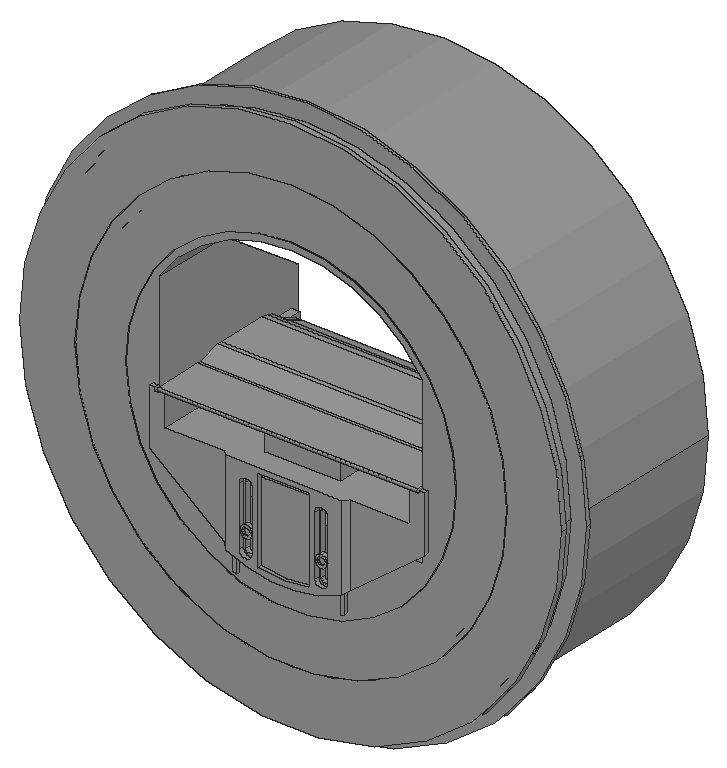
Revit family "CR 10 Inch Diameter", category Mechanical Equipment, Revit 2015
Parameters
  URL = "http://unitedenertech.com/catalog/pdf/L_2B,C%20Model%20CR.pdf"
  Type Comments = "10\" Diameter Model"
  Model = "CR"
  Manufacturer = "United Enertech Corporation"
  Description = "Precision/Flow Damper"
  Depth = 0' - 3.4"
  Damper O.D. = 0' - 9.6515"
Reference planes (in)
  plane 1 "Center (Front/Back)": y = 0
  plane 2: z = 0
  plane 3 "Center (Left/Right)": x = 0
  plane 4: x = -4.82575
  plane 5: x = 4.82575
Forms (in)
  Extrusion 1, solid, material "Plastic, Opaque Black"
    sketch origin (0, 0, 0) x (1, 0, 0) y (0, 0, 1)
      loop
        circle (0, 0) r 3.84375
    from -0.085 to 0
  Extrusion 2, void
    sketch origin (0, 0, 0) x (1, 0, 0) y (0, 0, 1)
      loop
        circle (0, 0) r 2.94375
    from 0 to -5
  Extrusion 3, solid, material "Plastic, Opaque Black"
    sketch origin (0, 0, 0) x (1, 0, 0) y (0, 0, 1)
      loop
        circle (0, 0) r 2.94375
    from 0 to -1.45
  Extrusion 4, void
    sketch origin (0, 0, 0) x (1, 0, 0) y (0, 0, 1)
      loop
        line (2.34375, 0) -> (2.34375, 1.56595)
        arc (2.34375, 1.56595) -> (1.32879, 2.4859) -> (0, 2.81875) r 2.81875
        arc (0, 2.81875) -> (-1.32879, 2.4859) -> (-2.34375, 1.56595) r 2.81875
        line (-2.34375, 1.56595) -> (-2.34375, -1.38375) -> (0, -1.38375) -> (2.34375, -1.38375) -> (2.34375, 0)
    from 0 to -3.83307
  Extrusion 5, solid, material "Plastic, Opaque Black"
    sketch origin (0, 0, 0) x (0, 1, 0) y (0, 0, 1)
      loop
        line (1.45, 1.56595) -> (1.45, -1.63375) -> (2.675, -1.63375) -> (3.075, -1.23375) -> (3.075, 0.41595) -> (1.45, 1.56595)
    from 2.34375 to 2.42375
  Extrusion 6, solid, material "Plastic, Opaque Black"
    sketch origin (0, 0, 0) x (0, 1, 0) y (0, 0, -1)
      loop
        line (1.45, -1.56595) -> (3.075, -0.41595) -> (3.075, 1.23375) -> (2.675, 1.63375) -> (1.45, 1.63375) -> (1.45, -1.56595)
    from 2.34375 to 2.42375
  Extrusion 7, solid, material "Plastic, Opaque Black"
    sketch origin (0, 0, 0) x (0, 1, 0) y (0, 0, 1)
      loop
        line (1.45, -1.63375) -> (2.675, -1.63375) -> (2.675, -1.38375) -> (1.45, -1.38375) -> (1.45, -1.63375)
    from 2.34375 to -2.34375
  Extrusion 8, void
    sketch origin (0, 0, 0) x (1, 0, 0) y (0, 0, 1)
      loop
        line (-2.42375, 1.56595) -> (-2.42375, 1.67066)
        arc (-2.42375, 1.67066) -> (-2.84696, -0.74864) -> (-1.28843, -2.64681) r 2.94375
        arc (-1.28843, -2.64681) -> (2.23212, -1.91919) -> (2.42375, 1.67066) r 2.94375
        line (2.42375, 1.67066) -> (2.42375, -1.63375) -> (-2.42375, -1.63375) -> (-2.42375, 1.56595)
    from -0.31146 to -3.5842
  Extrusion 9, void
    sketch origin (0, 0, 0) x (1, 0, 0) y (0, 0, 1)
      loop
        arc (-2.42375, 1.52225) -> (-2.86213, 0) -> (-2.42375, -1.52225) r 2.86213
        line (-2.42375, -1.52225) -> (-2.42375, 1.52225)
      loop
        line (2.42375, 1.52225) -> (2.42375, -1.52225)
        arc (2.42375, -1.52225) -> (2.86213, 0) -> (2.42375, 1.52225) r 2.86213
      loop
        arc (-2.35004, -1.63375) -> (0, -2.86213) -> (2.35004, -1.63375) r 2.86213
        line (2.35004, -1.63375) -> (-2.35004, -1.63375)
    from -0.085 to -1.45
  Extrusion 10, solid, material "Plastic, Opaque Black"
    sketch origin (0, 0, 0) x (1, 0, 0) y (0, 0, 1)
      loop
        line (-2.44375, -1.17375) -> (-1.02975, -2.27121)
        arc (-1.02975, -2.27121) -> (-0.52676, -2.43748) -> (0, -2.49375) r 2.49375
        arc (0, -2.49375) -> (0.52676, -2.43748) -> (1.02975, -2.27121) r 2.49375
        line (1.02975, -2.27121) -> (2.44375, -1.17375) -> (2.44375, -0.17375) -> (2.35375, -0.17375) -> (2.35375, -0.22375) -> (2.18375, -0.22375) -> (2.18375, -0.75775) -> (-2.18375, -0.75775) -> (-2.18375, -0.22375) -> (-2.35375, -0.22375) -> (-2.35375, -0.17375) -> (-2.44375, -0.17375) -> (-2.44375, -1.17375)
    from 0 to 0.08
  Extrusion 11, solid, material "Plastic, Opaque Black"
    sketch origin (0, 0, 0) x (1, 0, 0) y (0, 0, 1)
      loop
        line (-1.00274, -1.63375) -> (-1.00274, -2.63586)
        arc (-1.00274, -2.63586) -> (-0.96285, -2.65069) -> (-0.92274, -2.66492) r 2.82015
        line (-0.92274, -2.66492) -> (-0.92274, -1.63375) -> (-1.00274, -1.63375)
    from 0 to 0.05168
  Extrusion 12, solid, material "Plastic, Opaque Black"
    sketch origin (0, 0, 0) x (-1, 0, 0) y (0, 0, -1)
      loop
        line (-1.00274, 1.63375) -> (-0.92274, 1.63375) -> (-0.92274, 2.66492)
        arc (-0.92274, 2.66492) -> (-0.96285, 2.65069) -> (-1.00274, 2.63586) r 2.82015
        line (-1.00274, 2.63586) -> (-1.00274, 1.63375)
    from 0 to 0.05168
  Blend 13, solid, material "Plastic, Opaque Black"
    base sketch origin (0, 0, 0) x (1, 0, 0) y (0, 0, 1)
      loop
        arc (-1.02975, -2.27121) -> (0, -2.49375) -> (1.02975, -2.27121) r 2.49375
        line (1.02975, -2.27121) -> (1.02975, -0.75775) -> (-1.02975, -0.75775) -> (-1.02975, -2.27121)
    top sketch origin (0, 0, 0) x (1, 0, 0) y (0, 0, 1)
      loop
        line (-1.02975, -0.75775) -> (-1.11975, -0.75775) -> (-1.11975, -2.20136) -> (-1.02975, -2.27121)
        arc (-1.02975, -2.27121) -> (0, -2.49375) -> (1.02975, -2.27121) r 2.49375
        line (1.02975, -2.27121) -> (1.11975, -2.20136) -> (1.11975, -0.75775) -> (1.02975, -0.75775) -> (-1.02975, -0.75775)
    from 0.16 to 0.08
  Extrusion 14, void
    sketch origin (0, 0, 0) x (1, 0, 0) y (0, 0, 1)
      loop
        line (0, -0.83775) -> (-0.47, -0.83775) -> (-0.47, -2.35225)
        arc (-0.47, -2.35225) -> (-0.23615, -2.3871) -> (0, -2.39875) r 2.39875
        arc (0, -2.39875) -> (0.23615, -2.3871) -> (0.47, -2.35225) r 2.39875
        line (0.47, -2.35225) -> (0.47, -0.83775) -> (0, -0.83775)
    from 0.08 to 0.16
  Extrusion 15, void
    sketch origin (0, 0, 0) x (1, 0, 0) y (0, 0, 1)
      loop
        line (-0.47, -0.83775) -> (-0.47, -0.93775) -> (0.47, -0.93775) -> (0.47, -0.83775) -> (-0.47, -0.83775)
    from 0 to 0.16
  Extrusion 16, void
    sketch origin (0, 0, 0) x (1, 0, 0) y (0, 0, 1)
      loop
        line (-0.738, -1.11125) -> (-0.738, -2.17208)
        arc (-0.738, -2.17208) -> (-0.6705, -2.23958) -> (-0.603, -2.17208) r 0.0675
        line (-0.603, -2.17208) -> (-0.603, -1.11125)
        arc (-0.603, -1.11125) -> (-0.6705, -1.04375) -> (-0.738, -1.11125) r 0.0675
      loop
        arc (0.738, -1.11125) -> (0.6705, -1.04375) -> (0.603, -1.11125) r 0.0675
        line (0.603, -1.11125) -> (0.603, -2.17208)
        arc (0.603, -2.17208) -> (0.6705, -2.23958) -> (0.738, -2.17208) r 0.0675
        line (0.738, -2.17208) -> (0.738, -1.11125)
    from 0 to 0.26809
  Extrusion 17, void
    sketch origin (0, 0, 0) x (1, 0, 0) y (0, 0, 1)
      loop
        line (-0.78878, -1.11125) -> (-0.78878, -2.17208)
        arc (-0.78878, -2.17208) -> (-0.6705, -2.29036) -> (-0.55222, -2.17208) r 0.11828
        line (-0.55222, -2.17208) -> (-0.55222, -1.11125)
        arc (-0.55222, -1.11125) -> (-0.6705, -0.99297) -> (-0.78878, -1.11125) r 0.11828
      loop
        arc (0.78878, -1.11125) -> (0.6705, -0.99297) -> (0.55222, -1.11125) r 0.11828
        line (0.55222, -1.11125) -> (0.55222, -2.17208)
        arc (0.55222, -2.17208) -> (0.6705, -2.29036) -> (0.78878, -2.17208) r 0.11828
        line (0.78878, -2.17208) -> (0.78878, -1.11125)
    from 0.08 to 0.26809
  Extrusion 18, solid, material "Aluminum"
    sketch origin (0, 0, 0.38301) x (1, 0, 0) y (0, 0, 1)
      loop
        circle (-0.6705, -2.23958) r 0.10606
    from 0.08 to 0.16
  Extrusion 19, solid, material "Aluminum"
    sketch origin (0, 0, -0.10606) x (1, 0, 0) y (0, 0, 1)
      loop
        circle (-0.6705, -1.75052) r 0.05796
    from 0 to 0.08
  Extrusion 20, void
    sketch origin (0, 0, 0) x (1, 0, 0) y (0, 0, 1)
      loop
        line (-0.62476, -1.79125) -> (-0.7042, -1.7843) -> (-0.74995, -1.84962) -> (-0.71624, -1.9219) -> (-0.6368, -1.92885) -> (-0.59105, -1.86352) -> (-0.62476, -1.79125)
    from 0.12205 to 0.26809
  Extrusion 21, solid, material "Aluminum"
    sketch origin (0, 0, 0.38301) x (-1, 0, 0) y (0, 0, -1)
      loop
        circle (-0.6705, 2.23958) r 0.10606
    from 0.08 to 0.16
  Extrusion 22, solid, material "Aluminum"
    sketch origin (0, 0, -0.10606) x (-1, 0, 0) y (0, 0, -1)
      loop
        circle (-0.6705, 1.75052) r 0.05796
    from 0 to 0.08
  Extrusion 23, void
    sketch origin (0, 0, 0) x (-1, 0, 0) y (0, 0, -1)
      loop
        line (-0.62476, 1.79125) -> (-0.59105, 1.86352) -> (-0.6368, 1.92885) -> (-0.71624, 1.9219) -> (-0.74995, 1.84962) -> (-0.7042, 1.7843) -> (-0.62476, 1.79125)
    from 0.12205 to 0.26809
  Extrusion 24, solid, material "Plastic, Opaque Black"
    sketch origin (0, 0, 0) x (1, 0, 0) y (0, 1, 0)
      loop
        line (-0.6725, 0.915) -> (-0.6725, 0.265) -> (0.6725, 0.265) -> (0.6725, 0.915) -> (-0.6725, 0.915)
    from -0.75775 to -0.31775
  Extrusion 25, solid, material "Plastic, Opaque Black"
    sketch origin (0, 0, 0) x (1, 0, 0) y (0, 0, 1)
      loop
        line (-2.34375, -0.22375) -> (-2.34375, -1.00775) -> (2.34375, -1.00775) -> (2.34375, -0.75775) -> (2.34375, -0.22375) -> (2.18375, -0.22375) -> (2.18375, -0.75775) -> (-2.18375, -0.75775) -> (-2.18375, -0.22375) -> (-2.34375, -0.22375)
    from -2.91717 to 0
  Extrusion 26, solid, material "Plastic, Opaque Black"
    sketch origin (0, 0, 0) x (0, 1, 0) y (0, 0, 1)
      loop
        arc (-0.05557, -0.17375) -> (-0.07998, -0.19906) -> (-0.05382, -0.22255) r 0.02443
        line (-0.05382, -0.22255) -> (0.82534, -0.22453)
        arc (0.82534, -0.22453) -> (0.8563, -0.22254) -> (0.88675, -0.2166) r 0.24181
        line (0.88675, -0.2166) -> (1.28312, -0.11252)
        arc (1.28312, -0.11252) -> (1.31381, -0.10654) -> (1.34502, -0.10453) r 0.24371
        line (1.34502, -0.10453) -> (2.23036, -0.10453)
        arc (2.23036, -0.10453) -> (2.2978, -0.11001) -> (2.36347, -0.1263) r 0.41795
        line (2.36347, -0.1263) -> (2.44483, -0.15363) -> (2.461, -0.10549) -> (2.37965, -0.07816)
        arc (2.37965, -0.07816) -> (2.306, -0.05989) -> (2.23036, -0.05375) r 0.46873
        line (2.23036, -0.05375) -> (1.34502, -0.05375)
        arc (1.34502, -0.05375) -> (1.30731, -0.05617) -> (1.27023, -0.06341) r 0.29449
        line (1.27023, -0.06341) -> (0.87385, -0.16749)
        arc (0.87385, -0.16749) -> (0.8498, -0.17218) -> (0.82534, -0.17375) r 0.19103
        line (0.82534, -0.17375) -> (-0.05557, -0.17375)
    from -2.31257 to 2.31257
  Extrusion 27, solid, material "Plastic, Opaque Black"
    sketch origin (0, 0, 0) x (0, 1, 0) y (0, 0, 1)
      loop
        line (2.461, -0.10549) -> (2.44483, -0.15363) -> (2.36347, -0.1263)
        arc (2.36347, -0.1263) -> (2.2978, -0.11001) -> (2.23036, -0.10453) r 0.41795
        line (2.23036, -0.10453) -> (1.34502, -0.10453)
        arc (1.34502, -0.10453) -> (1.31381, -0.10654) -> (1.28312, -0.11252) r 0.24371
        line (1.28312, -0.11252) -> (0.88675, -0.2166)
        arc (0.88675, -0.2166) -> (0.86576, -0.22113) -> (0.84446, -0.22377) r 0.24181
        line (0.84446, -0.22377) -> (-0.05382, -0.22255) -> (0.14264, -0.35993) -> (2.3582, -0.35993) -> (2.7537, -0.22375) -> (2.461, -0.10549)
    from 2.02394 to 2.12394
  Extrusion 28, solid, material "Plastic, Opaque Black"
    sketch origin (0, 0, 0) x (0, 1, 0) y (0, 0, -1)
      loop
        line (2.461, 0.10549) -> (2.7537, 0.22375) -> (2.3582, 0.35993) -> (0.14264, 0.35993) -> (-0.05382, 0.22255) -> (0.84446, 0.22377)
        arc (0.84446, 0.22377) -> (0.86576, 0.22113) -> (0.88675, 0.2166) r 0.24181
        line (0.88675, 0.2166) -> (1.28312, 0.11252)
        arc (1.28312, 0.11252) -> (1.31381, 0.10654) -> (1.34502, 0.10453) r 0.24371
        line (1.34502, 0.10453) -> (2.23036, 0.10453)
        arc (2.23036, 0.10453) -> (2.2978, 0.11001) -> (2.36347, 0.1263) r 0.41795
        line (2.36347, 0.1263) -> (2.44483, 0.15363) -> (2.461, 0.10549)
    from 2.02394 to 2.12394
  Extrusion 29, solid, material "Plastic, Opaque Black"
    sketch origin (0, 0, 0) x (0, 1, 0) y (0, 0, 1)
      loop
        line (2.461, -0.10549) -> (2.44483, -0.15363) -> (2.61838, -0.22375) -> (2.7537, -0.22375) -> (2.461, -0.10549)
    from -2.02394 to 2.02394
  Extrusion 30, solid, material "Plastic, Opaque Black"
    sketch origin (0, 0, 0) x (0, 1, 0) y (0, 0, 1)
      loop
        line (-0.05382, -0.22255) -> (0.08135, -0.31707) -> (0.09937, -0.2913) -> (0.00277, -0.22375) -> (-0.05382, -0.22255)
    from -2.02394 to 2.02394
  Extrusion 31, solid, material "Plastic, Opaque Black"
    sketch origin (0, 0, 0) x (1, 0, 0) y (0, 0, 1)
      loop
        circle (0, 0) r 3.75875
      loop
        circle (0, 0) r 3.67729
    from -0.31146 to -0.085
  Extrusion 32, solid, material "Plastic, Opaque Black"
    sketch origin (0, 0, 0) x (1, 0, 0) y (0, 0, 1)
      loop
        circle (0, 0) r 3.84375
      loop
        circle (0, 0) r 4.82575
    from 0 to -0.085
  Extrusion 33, solid, material "Rubber, Black"
    sketch origin (0, 0, 0) x (1, 0, 0) y (0, 0, 1)
      loop
        circle (0, 0) r 4.70075
      loop
        circle (0, 0) r 4.65075
    from -0.085 to -0.612
  Extrusion 34, solid, material "Steel, Galvanized"
    sketch origin (0, 0, 0) x (1, 0, 0) y (0, 0, 1)
      loop
        circle (0, 0) r 4.70075
      loop
        circle (0, 0) r 4.65075
    from -0.612 to -3.4
  Extrusion 35, solid, material "Steel, Galvanized"
    sketch origin (0, 0, 0) x (1, 0, 0) y (0, 0, 1)
      loop
        circle (0, 0) r 4.65075
      loop
        circle (0, 0) r 4.60589
    from -0.085 to -0.64905
  Extrusion 36, solid, material "Plastic, Opaque Black"
    sketch origin (0, 0, 0) x (1, 0, 0) y (0, 0, 1)
      loop
        circle (0, 0) r 4.60589
      loop
        circle (0, 0) r 4.54679
    from -0.612 to -0.085
  Extrusion 37, solid, material "Rubber, Black"
    sketch origin (0, 0, 0) x (1, 0, 0) y (0, 0, 1)
      loop
        circle (0, 0) r 4.70075
      loop
        circle (0, 0) r 5
    from -0.3985 to -0.3485
Cuts and joins
  Extrusion 2, Extrusion 8 cuts Extrusion 1
  Extrusion 4, Extrusion 8, Extrusion 9, Extrusion 14, Extrusion 16, Extrusion 17, Extrusion 20 cuts Extrusion 3
  Extrusion 8, Extrusion 9, Extrusion 14, Extrusion 16, Extrusion 17, Extrusion 20 cuts Extrusion 5
  Extrusion 8, Extrusion 9, Extrusion 14, Extrusion 16, Extrusion 17, Extrusion 20 cuts Extrusion 6
  Extrusion 8, Extrusion 9, Extrusion 14, Extrusion 16, Extrusion 17, Extrusion 20 cuts Extrusion 7
  joined: Extrusion 3, Extrusion 5, Extrusion 6, Extrusion 7
  Extrusion 14, Extrusion 15, Extrusion 16, Extrusion 17, Extrusion 20 cuts Extrusion 10
  Extrusion 14, Extrusion 15, Extrusion 16, Extrusion 17, Extrusion 20 cuts Blend 13
  joined: Extrusion 10, Blend 13, Extrusion 25
  Extrusion 20, Extrusion 23 cuts Extrusion 18
  Extrusion 20 cuts Extrusion 19
  Extrusion 23 cuts Extrusion 21
  joined: Extrusion 26, Extrusion 29
Dimensions and locks (in)
  "Damper O.D.": plane 4 to plane 5
  "Depth": Extrusion 34 to plane 1 "Center (Front/Back)"
  aligned and locked: level to plane 2
Automatic sketch dimensions
  Extrusion 1 sketch curve to level = 0' - 0"
  Extrusion 1 sketch curve to plane 3 "Center (Left/Right)" = 0' - 0"
  Extrusion 2 sketch curve to level = 0' - 0"
  Extrusion 2 sketch curve to plane 3 "Center (Left/Right)" = 0' - 0"
  Extrusion 3 sketch curve to level = 0' - 0"
  Extrusion 3 sketch curve to plane 3 "Center (Left/Right)" = 0' - 0"
  Extrusion 4 sketch curve to Extrusion 4 sketch curve = 0' - 0"  (x2)
  Extrusion 4 sketch curve to plane 3 "Center (Left/Right)" = 0' - 0"  (x2)
  Extrusion 4 sketch curve to level = 0' - 0"  (x2)
  Extrusion 4 sketch curve to Extrusion 4 sketch curve = 0' - 2 11/32"
  Extrusion 4 sketch curve to level = 0' - 1.38375"
  plane 3 "Center (Left/Right)" to Extrusion 4 sketch curve = 0' - 2 11/32"
  level to Extrusion 4 sketch curve = 0' - 1.56595"
  Extrusion 5 sketch curve to plane 1 "Center (Front/Back)" = 0' - 1.45"
  Extrusion 5 sketch curve to Extrusion 5 sketch curve = 0' - 1.225"
  level to Extrusion 5 sketch curve = 0' - 0.41595"
  Extrusion 5 sketch curve to Extrusion 5 sketch curve = 0' - 1 5/8"
  Extrusion 5 sketch curve to level = 0' - 1.23375"
  Extrusion 5 sketch curve to level = 0' - 1.63375"
  level to Extrusion 5 sketch curve = 0' - 1.56595"
  Extrusion 6 sketch curve to plane 1 "Center (Front/Back)" = 0' - 1.45"
  Extrusion 6 sketch curve to Extrusion 6 sketch curve = 0' - 1.225"
  level to Extrusion 6 sketch curve = 0' - 0.41595"
  Extrusion 6 sketch curve to Extrusion 6 sketch curve = 0' - 1 5/8"
  level to Extrusion 6 sketch curve = 0' - 1.56595"
  Extrusion 6 sketch curve to level = 0' - 1.23375"
  Extrusion 6 sketch curve to Extrusion 6 sketch curve = 0' - 0.4"
  Extrusion 7 sketch curve to plane 1 "Center (Front/Back)" = 0' - 1.45"
  Extrusion 7 sketch curve to Extrusion 7 sketch curve = 0' - 1.225"
  Extrusion 7 sketch curve to level = 0' - 1.63375"
  Extrusion 7 sketch curve to Extrusion 7 sketch curve = 0' - 0 1/4"
  Extrusion 8 sketch curve to Extrusion 8 sketch curve = 0' - 0"  (x2)
  Extrusion 8 sketch curve to level = 0' - 0"
  Extrusion 8 sketch curve to plane 3 "Center (Left/Right)" = 0' - 0"
  Extrusion 8 sketch curve to plane 4 = 0' - 2.402"
  plane 5 to Extrusion 8 sketch curve = 0' - 2.402"
  Extrusion 8 sketch curve to level = 0' - 1.63375"
  level to Extrusion 8 sketch curve = 0' - 1.56595"
  Extrusion 8 sketch curve to Extrusion 8 sketch curve = 0' - 0.10471"
  Extrusion 8 sketch curve to plane 3 "Center (Left/Right)" = 0' - 1.28843"
  Extrusion 9 sketch curve to Extrusion 9 sketch curve = 0' - 0"  (x6)
  Extrusion 9 sketch curve to level = 0' - 0"
  Extrusion 9 sketch curve to plane 3 "Center (Left/Right)" = 0' - 0"
  Extrusion 9 sketch curve to plane 3 "Center (Left/Right)" = 0' - 2.35004"
  Extrusion 9 sketch curve to Extrusion 9 sketch curve = 0' - 0.07371"  (x2)
  Extrusion 9 sketch curve to level = 0' - 1.52225"  (x2)
  Extrusion 9 sketch curve to Extrusion 9 sketch curve = 0' - 0.1115"
  Extrusion 10 sketch curve to Extrusion 10 sketch curve = 0' - 0"  (x2)
  Extrusion 10 sketch curve to level = 0' - 0"
  Extrusion 10 sketch curve to plane 3 "Center (Left/Right)" = 0' - 0"
  Extrusion 10 sketch curve to plane 3 "Center (Left/Right)" = 0' - 1.02975"
  Extrusion 10 sketch curve to level = 0' - 0.22375"  (x2)
  Extrusion 10 sketch curve to plane 3 "Center (Left/Right)" = 0' - 2.18375"
  Extrusion 10 sketch curve to Extrusion 10 sketch curve = 0' - 0.17"  (x2)
  Extrusion 10 sketch curve to level = 0' - 1.17375"
  Extrusion 10 sketch curve to Extrusion 10 sketch curve = 0' - 0.26"
  plane 3 "Center (Left/Right)" to Extrusion 10 sketch curve = 0' - 1.02975"
  Extrusion 10 sketch curve to level = 0' - 0.75775"
  Extrusion 10 sketch curve to Extrusion 10 sketch curve = 0' - 1.154"
  Extrusion 10 sketch curve to Extrusion 10 sketch curve = 0' - 0.09"
  Extrusion 10 sketch curve to Extrusion 10 sketch curve = 0' - 1.51346"
  Extrusion 10 sketch curve to Extrusion 10 sketch curve = 0' - 0.416"
  Extrusion 10 sketch curve to Extrusion 10 sketch curve = 0' - 0.05"  (x2)
  Extrusion 11 sketch curve to level = 0' - 0"
  Extrusion 11 sketch curve to plane 3 "Center (Left/Right)" = 0' - 0"
  Extrusion 11 sketch curve to plane 3 "Center (Left/Right)" = 0' - 0.92274"
  Extrusion 11 sketch curve to Extrusion 11 sketch curve = 0' - 0.08"
  Extrusion 11 sketch curve to level = 0' - 1.63375"
  Extrusion 11 sketch curve to Extrusion 11 sketch curve = 0' - 1.00211"
  Extrusion 12 sketch curve to level = 0' - 0"
  Extrusion 12 sketch curve to plane 3 "Center (Left/Right)" = 0' - 0"
  Extrusion 12 sketch curve to plane 3 "Center (Left/Right)" = 0' - 0.92274"
  Extrusion 12 sketch curve to Extrusion 12 sketch curve = 0' - 0.08"
  level to Extrusion 12 sketch curve = 0' - 1.63375"
  Extrusion 12 sketch curve to Extrusion 12 sketch curve = 0' - 1.00211"
  Blend 13 sketch curve to level = 0' - 0"  (x2)
  Blend 13 sketch curve to plane 3 "Center (Left/Right)" = 0' - 0"  (x2)
  Blend 13 sketch curve to plane 3 "Center (Left/Right)" = 0' - 1.02975"  (x3)
  plane 3 "Center (Left/Right)" to Blend 13 sketch curve = 0' - 1.02975"  (x3)
  Blend 13 sketch curve to level = 0' - 0.75775"  (x2)
  Blend 13 sketch curve to Blend 13 sketch curve = 0' - 1.51346"
  Blend 13 sketch curve to Blend 13 sketch curve = 0' - 0.09"  (x2)
  Blend 13 sketch curve to Blend 13 sketch curve = 0' - 1.44361"  (x2)
  Blend 13 sketch curve to Blend 13 sketch curve = 0' - 0.06985"
  Extrusion 14 sketch curve to Extrusion 14 sketch curve = 0' - 0"  (x2)
  Extrusion 14 sketch curve to plane 3 "Center (Left/Right)" = 0' - 0"  (x2)
  Extrusion 14 sketch curve to level = 0' - 0"
  Extrusion 14 sketch curve to plane 3 "Center (Left/Right)" = 0' - 0.47"
  Extrusion 14 sketch curve to Extrusion 14 sketch curve = 0' - 0.47"
  Extrusion 14 sketch curve to level = 0' - 0.83775"
  Extrusion 14 sketch curve to Extrusion 14 sketch curve = 0' - 1.5145"
  Extrusion 15 sketch curve to plane 3 "Center (Left/Right)" = 0' - 0.47"
  plane 3 "Center (Left/Right)" to Extrusion 15 sketch curve = 0' - 0.47"
  Extrusion 15 sketch curve to level = 0' - 0.93775"
  Extrusion 15 sketch curve to Extrusion 15 sketch curve = 0' - 0.1"
  Extrusion 16 sketch curve to plane 3 "Center (Left/Right)" = 0' - 0.738"
  Extrusion 16 sketch curve to Extrusion 16 sketch curve = 0' - 0.0675"  (x2)
  plane 3 "Center (Left/Right)" to Extrusion 16 sketch curve = 0' - 0.603"
  Extrusion 16 sketch curve to level = 0' - 2.17208"
  Extrusion 16 sketch curve to Extrusion 16 sketch curve = 0' - 0"
  Extrusion 16 sketch curve to Extrusion 16 sketch curve = 0' - 1.06083"  (x2)
  Extrusion 17 sketch curve to plane 3 "Center (Left/Right)" = 0' - 0.78878"
  Extrusion 17 sketch curve to Extrusion 17 sketch curve = 0' - 0.11828"  (x2)
  plane 3 "Center (Left/Right)" to Extrusion 17 sketch curve = 0' - 0.55222"
  Extrusion 17 sketch curve to level = 0' - 2.17208"
  Extrusion 17 sketch curve to Extrusion 17 sketch curve = 0' - 0"
  Extrusion 17 sketch curve to Extrusion 17 sketch curve = 0' - 1.06083"  (x2)
  Extrusion 18 sketch curve to plane 3 "Center (Left/Right)" = 0' - 0.6705"
  Extrusion 18 sketch curve to level = 0' - 1.85657"
  Extrusion 19 sketch curve to plane 3 "Center (Left/Right)" = 0' - 0.6705"
  Extrusion 19 sketch curve to level = 0' - 1.85657"
  Extrusion 20 sketch curve to plane 3 "Center (Left/Right)" = 0' - 0.74995"
  Extrusion 20 sketch curve to Extrusion 20 sketch curve = 0' - 0.0337"
  Extrusion 20 sketch curve to Extrusion 20 sketch curve = 0' - 0.04574"  (x2)
  Extrusion 20 sketch curve to Extrusion 20 sketch curve = 0' - 0.07945"  (x2)
  Extrusion 20 sketch curve to level = 0' - 1.92885"
  Extrusion 20 sketch curve to Extrusion 20 sketch curve = 0' - 0.00695"
  Extrusion 20 sketch curve to Extrusion 20 sketch curve = 0' - 0.06533"  (x2)
  Extrusion 20 sketch curve to Extrusion 20 sketch curve = 0' - 0.07228"  (x2)
  Extrusion 21 sketch curve to plane 3 "Center (Left/Right)" = 0' - 0.6705"
  level to Extrusion 21 sketch curve = 0' - 1.85657"
  Extrusion 22 sketch curve to plane 3 "Center (Left/Right)" = 0' - 0.6705"
  level to Extrusion 22 sketch curve = 0' - 1.85657"
  Extrusion 23 sketch curve to plane 3 "Center (Left/Right)" = 0' - 0.74995"
  Extrusion 23 sketch curve to Extrusion 23 sketch curve = 0' - 0.0337"
  Extrusion 23 sketch curve to Extrusion 23 sketch curve = 0' - 0.04574"  (x2)
  Extrusion 23 sketch curve to Extrusion 23 sketch curve = 0' - 0.07945"  (x2)
  level to Extrusion 23 sketch curve = 0' - 1.92885"
  Extrusion 23 sketch curve to Extrusion 23 sketch curve = 0' - 0.00695"
  Extrusion 23 sketch curve to Extrusion 23 sketch curve = 0' - 0.06533"  (x2)
  Extrusion 23 sketch curve to Extrusion 23 sketch curve = 0' - 0.07228"  (x2)
  Extrusion 24 sketch curve to plane 1 "Center (Front/Back)" = 0' - 0.265"
  Extrusion 24 sketch curve to plane 3 "Center (Left/Right)" = 0' - 0.6725"
  plane 3 "Center (Left/Right)" to Extrusion 24 sketch curve = 0' - 0.6725"
  Extrusion 24 sketch curve to Extrusion 24 sketch curve = 0' - 0.65"
  Extrusion 25 sketch curve to level = 0' - 0.22375"  (x2)
  Extrusion 25 sketch curve to plane 3 "Center (Left/Right)" = 0' - 2 11/32"
  Extrusion 25 sketch curve to Extrusion 25 sketch curve = 0' - 0.16"  (x2)
  plane 3 "Center (Left/Right)" to Extrusion 25 sketch curve = 0' - 2.18375"
  Extrusion 25 sketch curve to Extrusion 25 sketch curve = 0' - 0.534"  (x2)
  Extrusion 25 sketch curve to Extrusion 25 sketch curve = 0' - 0 1/4"
  Extrusion 26 sketch curve to Extrusion 26 sketch curve = 0' - 0"  (x6)
  plane 1 "Center (Front/Back)" to Extrusion 26 sketch curve = 0' - 0.05557"
  Extrusion 26 sketch curve to Extrusion 26 sketch curve = 0' - 0.00175"
  Extrusion 26 sketch curve to level = 0' - 0.22453"
  Extrusion 26 sketch curve to plane 1 "Center (Front/Back)" = 0' - 0.82534"
  Extrusion 26 sketch curve to level = 0' - 0.16749"
  Extrusion 26 sketch curve to Extrusion 26 sketch curve = 0' - 0.04852"
  Extrusion 26 sketch curve to level = 0' - 0.2166"
  Extrusion 26 sketch curve to Extrusion 26 sketch curve = 0' - 0.0129"  (x2)
  Extrusion 26 sketch curve to level = 0' - 0.06341"
  Extrusion 26 sketch curve to Extrusion 26 sketch curve = 0' - 0.39637"
  Extrusion 26 sketch curve to level = 0' - 0.11252"
  Extrusion 26 sketch curve to Extrusion 26 sketch curve = 0' - 0.0619"
  Extrusion 26 sketch curve to Extrusion 26 sketch curve = 0' - 0.88534"
  Extrusion 26 sketch curve to level = 0' - 0.1263"
  Extrusion 26 sketch curve to Extrusion 26 sketch curve = 0' - 0.13311"
  Extrusion 26 sketch curve to level = 0' - 0.07816"
  Extrusion 26 sketch curve to level = 0' - 0.15363"
  Extrusion 26 sketch curve to Extrusion 26 sketch curve = 0' - 0.08136"
  Extrusion 26 sketch curve to Extrusion 26 sketch curve = 0' - 0.23572"
  Extrusion 26 sketch curve to Extrusion 26 sketch curve = 0' - 0.0488"
  plane 1 "Center (Front/Back)" to Extrusion 27 sketch curve = 0' - 0.05382"
  Extrusion 27 sketch curve to plane 1 "Center (Front/Back)" = 0' - 0.14264"
  level to Extrusion 27 sketch curve = 0' - 0.01728"
  Extrusion 27 sketch curve to Extrusion 27 sketch curve = 0' - 0.68269"
  Extrusion 27 sketch curve to level = 0' - 0.22377"
  Extrusion 27 sketch curve to Extrusion 27 sketch curve = 0' - 0.01912"
  Extrusion 27 sketch curve to level = 0' - 0.2166"
  Extrusion 27 sketch curve to level = 0' - 0.11252"
  Extrusion 27 sketch curve to Extrusion 27 sketch curve = 0' - 0.39637"
  Extrusion 27 sketch curve to Extrusion 27 sketch curve = 0' - 0.0619"
  Extrusion 27 sketch curve to Extrusion 27 sketch curve = 0' - 0.88534"
  Extrusion 27 sketch curve to Extrusion 27 sketch curve = 0' - 0.12784"
  Extrusion 27 sketch curve to level = 0' - 0.1263"
  Extrusion 27 sketch curve to Extrusion 27 sketch curve = 0' - 0.13311"
  Extrusion 27 sketch curve to level = 0' - 0.15363"
  Extrusion 27 sketch curve to Extrusion 27 sketch curve = 0' - 0.08136"
  Extrusion 27 sketch curve to level = 0' - 0.10549"
  Extrusion 27 sketch curve to level = 0' - 0.22375"
  Extrusion 27 sketch curve to Extrusion 27 sketch curve = 0' - 0.2927"
  Extrusion 27 sketch curve to Extrusion 27 sketch curve = 0' - 0.23572"
  Extrusion 27 sketch curve to level = 0' - 0.35993"
  Extrusion 27 sketch curve to level = 0' - 0.22255"
  plane 1 "Center (Front/Back)" to Extrusion 28 sketch curve = 0' - 0.05382"
  Extrusion 28 sketch curve to plane 1 "Center (Front/Back)" = 0' - 0.14264"
  level to Extrusion 28 sketch curve = 0' - 0.01728"
  Extrusion 28 sketch curve to Extrusion 28 sketch curve = 0' - 0.68269"
  Extrusion 28 sketch curve to level = 0' - 0.22377"
  Extrusion 28 sketch curve to Extrusion 28 sketch curve = 0' - 0.01912"
  Extrusion 28 sketch curve to level = 0' - 0.2166"
  Extrusion 28 sketch curve to level = 0' - 0.11252"
  Extrusion 28 sketch curve to Extrusion 28 sketch curve = 0' - 0.39637"
  Extrusion 28 sketch curve to Extrusion 28 sketch curve = 0' - 0.0619"
  Extrusion 28 sketch curve to Extrusion 28 sketch curve = 0' - 0.88534"
  Extrusion 28 sketch curve to Extrusion 28 sketch curve = 0' - 0.12784"
  Extrusion 28 sketch curve to level = 0' - 0.1263"
  Extrusion 28 sketch curve to Extrusion 28 sketch curve = 0' - 0.13311"
  Extrusion 28 sketch curve to level = 0' - 0.15363"
  Extrusion 28 sketch curve to Extrusion 28 sketch curve = 0' - 0.08136"
  Extrusion 28 sketch curve to level = 0' - 0.10549"
  Extrusion 28 sketch curve to level = 0' - 0.22375"
  Extrusion 28 sketch curve to Extrusion 28 sketch curve = 0' - 0.2927"
  Extrusion 28 sketch curve to level = 0' - 0.10453"
  Extrusion 28 sketch curve to level = 0' - 0.22255"
  Extrusion 28 sketch curve to Extrusion 28 sketch curve = 0' - 0.13738"
  Extrusion 29 sketch curve to level = 0' - 0.15363"
  Extrusion 29 sketch curve to plane 1 "Center (Front/Back)" = 0' - 2.44483"
  Extrusion 29 sketch curve to level = 0' - 0.10549"
  Extrusion 29 sketch curve to Extrusion 29 sketch curve = 0' - 0.01617"
  Extrusion 29 sketch curve to level = 0' - 0.22375"
  Extrusion 29 sketch curve to Extrusion 29 sketch curve = 0' - 0.17355"
  Extrusion 29 sketch curve to Extrusion 29 sketch curve = 0' - 0.13532"
  plane 1 "Center (Front/Back)" to Extrusion 30 sketch curve = 0' - 0.05382"
  Extrusion 30 sketch curve to plane 1 "Center (Front/Back)" = 0' - 0.00277"
  Extrusion 30 sketch curve to plane 1 "Center (Front/Back)" = 0' - 0.08135"
  Extrusion 30 sketch curve to Extrusion 30 sketch curve = 0' - 0.01802"
  Extrusion 30 sketch curve to level = 0' - 0.31707"
  Extrusion 30 sketch curve to Extrusion 30 sketch curve = 0' - 0.02577"
  Extrusion 31 sketch curve to Extrusion 31 sketch curve = 0' - 0"  (x2)
  Extrusion 31 sketch curve to level = 0' - 0"
  Extrusion 31 sketch curve to plane 3 "Center (Left/Right)" = 0' - 0"
  Extrusion 32 sketch curve to Extrusion 32 sketch curve = 0' - 0"  (x2)
  Extrusion 32 sketch curve to level = 0' - 0"
  Extrusion 32 sketch curve to plane 3 "Center (Left/Right)" = 0' - 0"
  Extrusion 33 sketch curve to Extrusion 33 sketch curve = 0' - 0"  (x2)
  Extrusion 33 sketch curve to level = 0' - 0"
  Extrusion 33 sketch curve to plane 3 "Center (Left/Right)" = 0' - 0"
  Extrusion 34 sketch curve to Extrusion 34 sketch curve = 0' - 0"  (x2)
  Extrusion 34 sketch curve to level = 0' - 0"
  Extrusion 34 sketch curve to plane 3 "Center (Left/Right)" = 0' - 0"
  Extrusion 35 sketch curve to Extrusion 35 sketch curve = 0' - 0"  (x2)
  Extrusion 35 sketch curve to level = 0' - 0"
  Extrusion 35 sketch curve to plane 3 "Center (Left/Right)" = 0' - 0"
  Extrusion 36 sketch curve to Extrusion 36 sketch curve = 0' - 0"  (x2)
  Extrusion 36 sketch curve to level = 0' - 0"
  Extrusion 36 sketch curve to plane 3 "Center (Left/Right)" = 0' - 0"
  Extrusion 37 sketch curve to Extrusion 37 sketch curve = 0' - 0"  (x2)
  Extrusion 37 sketch curve to level = 0' - 0"
  Extrusion 37 sketch curve to plane 3 "Center (Left/Right)" = 0' - 0"
  radius of Extrusion 1 sketch curve = 0' - 3 27/32"
  radius of Extrusion 2 sketch curve = 0' - 2.94375"
  radius of Extrusion 3 sketch curve = 0' - 2.94375"
  radius of Extrusion 18 sketch curve = 0' - 0.10606"
  radius of Extrusion 19 sketch curve = 0' - 0.05796"
  radius of Extrusion 21 sketch curve = 0' - 0.10606"
  radius of Extrusion 22 sketch curve = 0' - 0.05796"
  radius of Extrusion 31 sketch curve = 0' - 3.75875"
  radius of Extrusion 31 sketch curve = 0' - 3.67729"
  radius of Extrusion 32 sketch curve = 0' - 3 27/32"
  radius of Extrusion 32 sketch curve = 0' - 4.82575"
  radius of Extrusion 33 sketch curve = 0' - 4.70075"
  radius of Extrusion 33 sketch curve = 0' - 4.65075"
  radius of Extrusion 34 sketch curve = 0' - 4.70075"
  radius of Extrusion 34 sketch curve = 0' - 4.65075"
  radius of Extrusion 35 sketch curve = 0' - 4.65075"
  radius of Extrusion 35 sketch curve = 0' - 4.60589"
  radius of Extrusion 36 sketch curve = 0' - 4.60589"
  radius of Extrusion 36 sketch curve = 0' - 4.54679"
  radius of Extrusion 37 sketch curve = 0' - 4.70075"
  radius of Extrusion 37 sketch curve = 0' - 5"
